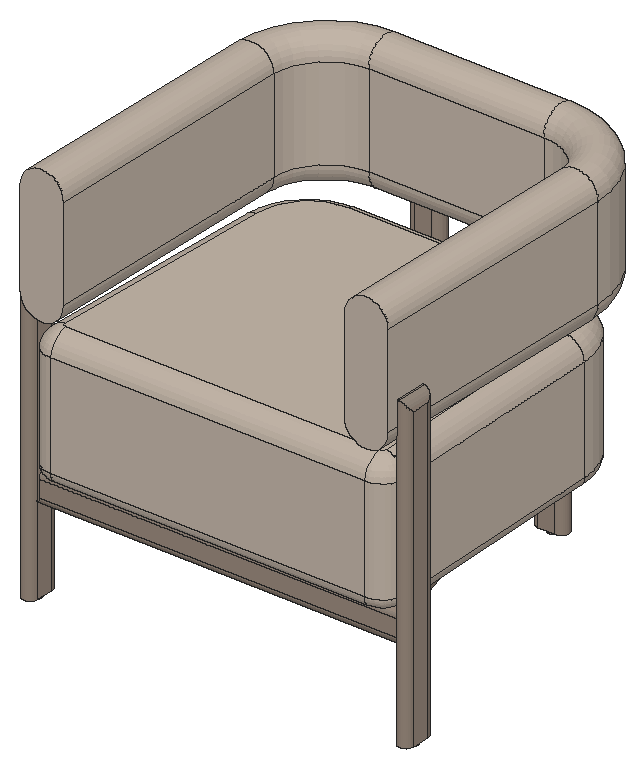
Revit family "FU_Chair_Sandler_Adora 5-1", category Furniture, Revit 2022
Family settings
  OmniClass Number = 23.40.20.00
  OmniClass Title = General Furniture and Specialties
  Work Plane-Based = No
  Always vertical = Yes
  Cut with Voids When Loaded = No
  Render Appearance Source = Family Geometry
  Shared = No
  Room Calculation Point = No
Parameters (values of type "Adora 5.1")
  Width = 680 mm
  URL = "https://www.sandlerseating.com/product/adora-5-1-2/"
  Seat [instance] = Fabric - Gravity - Wheat CPC21
  Model = "Adora 5.1"
  Manufacturer = "Sandler"
  Height = 700 mm
  Frame [instance] = Ash - Walnut Stain
  Description = "Upholstered lounge chair on wood frame"
  Depth = 630 mm
  Default Elevation = 0 mm
Reference planes
  plane 1 "Center (Front/Back)": y = 0
  plane 2: z = 0
  plane 3 "Center (Left/Right)": x = 0
  plane 4 "Right": x = -340
  plane 5 "Left": x = 340
  plane 6 "Front": y = -315
  plane 7 "Back": y = 315
  plane 8 "Height": z = 700
  plane 9 "Seat height": z = 440
  plane 10 "FL RIGHT": y = -269.53
  plane 11 "BL RIGHT": y = 308.715
  plane 12 "Seat Frame RIGHT": z = 178.152
Forms (mm)
  Sweep 1, solid, material "Ash - Walnut Stain" <- "Frame"
    path origin (0, -269.53, 0) x (0, 0, -1) y (1, 0, 0)
      loop
        line (-6, -327) -> (-546, -327)
    profile "Pro_Ozo_Adora_Frame : Pro_Ozo_Adora_Frame" origin (-327, -269.53, 276) x (-1, 0, 0) y (0, -1, 0)
      loop
        arc (13, 15) -> (0, 28) -> (-13, 15) r 13
        line (-13, 15) -> (-13, -15)
        arc (-13, -15) -> (0, -28) -> (13, -15) r 13
        line (13, -15) -> (13, 15)
  Sweep 2, solid, material "Ash - Walnut Stain" <- "Frame"
    path origin (0, -269.53, 0) x (0, 0, -1) y (1, 0, 0)
      loop
        line (-6, 327) -> (-546, 327)
    profile "Pro_Ozo_Adora_Frame : Pro_Ozo_Adora_Frame" origin (327, -269.53, 276) x (-1, 0, 0) y (0, -1, 0)
      loop
        arc (13, 15) -> (0, 28) -> (-13, 15) r 13
        line (-13, 15) -> (-13, -15)
        arc (-13, -15) -> (0, -28) -> (13, -15) r 13
        line (13, -15) -> (13, 15)
  Sweep 3, solid, material "Ash - Walnut Stain" <- "Frame"
    path origin (0, 308.715, 0) x (0, 0, -1) y (1, 0, 0)
      loop
        line (-6, -107.326) -> (-546, -107.326)
    profile "Pro_Ozo_Adora_Frame : Pro_Ozo_Adora_Frame" origin (-107.326, 308.715, 276) x (-1, 0, 0) y (0, -1, 0)
      loop
        arc (-15, 13) -> (-28, 0) -> (-15, -13) r 13
        line (-15, -13) -> (15, -13)
        arc (15, -13) -> (28, 0) -> (15, 13) r 13
        line (15, 13) -> (-15, 13)
  Sweep 4, solid, material "Ash - Walnut Stain" <- "Frame"
    path origin (0, 308.715, 0) x (0, 0, -1) y (1, 0, 0)
      loop
        line (-6, 107.326) -> (-546, 107.326)
    profile "Pro_Ozo_Adora_Frame : Pro_Ozo_Adora_Frame" origin (107.326, 308.715, 276) x (-1, 0, 0) y (0, -1, 0)
      loop
        arc (-15, 13) -> (-28, 0) -> (-15, -13) r 13
        line (-15, -13) -> (15, -13)
        arc (15, -13) -> (28, 0) -> (15, 13) r 13
        line (15, 13) -> (-15, 13)
  Extrusion 5, void
    sketch origin (0, -269.53, 0) x (0, 0, -1) y (1, 0, 0)
      loop
        arc (-523.152, -340.43) -> (-538.403, -335.401) -> (-546.853, -321.745) r 23.476
        line (-546.853, -321.745) -> (-551.853, -321.745) -> (-551.853, -345.43) -> (-523.152, -345.43) -> (-523.152, -340.43)
    from -38.331 to 38.415
  Extrusion 6, void
    sketch origin (0, -269.53, 0) x (0, 0, -1) y (1, 0, 0)
      loop
        line (-523.152, 340.43) -> (-523.152, 345.43) -> (-551.853, 345.43) -> (-551.853, 321.745) -> (-546.853, 321.745)
        arc (-546.853, 321.745) -> (-538.403, 335.401) -> (-523.152, 340.43) r 23.476
    from -38.331 to 38.415
  Extrusion 7, void
    sketch origin (0, 0, 0) x (0, 1, 0) y (0, 0, 1)
      loop
        line (322.006, 522.6) -> (327.006, 522.6) -> (327.006, 551.301) -> (303.322, 551.301) -> (303.322, 546.301)
        arc (303.322, 546.301) -> (316.977, 537.851) -> (322.006, 522.6) r 23.476
    from -142.131 to 143.915
  Sweep 8, solid, material "Ash - Walnut Stain" <- "Frame"
    path origin (0, 0, 178.152) x (0, -1, 0) y (1, 0, 0)
      loop
        line (269.53, -327) -> (269.53, 327)
    profile "Pro_Ozo_Adora_Frame : Pro_Ozo_Adora_Frame" origin (0, -269.53, 178.152) x (0, 1, 0) y (0, 0, 1)
      loop
        arc (13, 15) -> (0, 28) -> (-13, 15) r 13
        line (-13, 15) -> (-13, -15)
        arc (-13, -15) -> (0, -28) -> (13, -15) r 13
        line (13, -15) -> (13, 15)
  Sweep 9, solid, material "Ash - Walnut Stain" <- "Frame"
    path origin (0, 0, 178.152) x (0, -1, 0) y (1, 0, 0)
      loop
        line (-186.816, -147.415) -> (-186.816, 147.585)
    profile "Pro_Ozo_Adora_Frame : Pro_Ozo_Adora_Frame" origin (0.085, 186.816, 178.152) x (0, 1, 0) y (0, 0, 1)
      loop
        arc (13, 15) -> (0, 28) -> (-13, 15) r 13
        line (-13, 15) -> (-13, -15)
        arc (-13, -15) -> (0, -28) -> (13, -15) r 13
        line (13, -15) -> (13, 15)
  Sweep 10, solid, material "Ash - Walnut Stain" <- "Frame"
    path origin (0, 0, 178.152) x (0, -1, 0) y (1, 0, 0)
      loop
        line (269.274, -280.039) -> (-308.689, -108.155)
    profile "Pro_Ozo_Adora_Frame : Pro_Ozo_Adora_Frame" origin (-194.097, 19.707, 178.152) x (-0.95851, 0.285057, 0) y (0, 0, 1)
      loop
        arc (13, 15) -> (0, 28) -> (-13, 15) r 13
        line (-13, 15) -> (-13, -15)
        arc (-13, -15) -> (0, -28) -> (13, -15) r 13
        line (13, -15) -> (13, 15)
  Sweep 11, solid, material "Ash - Walnut Stain" <- "Frame"
    path origin (0, 0, 178.152) x (0, -1, 0) y (1, 0, 0)
      loop
        line (269.274, 280.039) -> (-308.689, 108.155)
    profile "Pro_Ozo_Adora_Frame : Pro_Ozo_Adora_Frame" origin (194.097, 19.707, 178.152) x (-0.95851, -0.285057, 0) y (0, 0, 1)
      loop
        arc (13, 15) -> (0, 28) -> (-13, 15) r 13
        line (-13, 15) -> (-13, -15)
        arc (-13, -15) -> (0, -28) -> (13, -15) r 13
        line (13, -15) -> (13, 15)
  Extrusion 12, solid, material "Rubber, Black"
    sketch origin (0, 0, 0) x (1, 0, 0) y (0, 1, 0)
      loop
        circle (107.35, 308.715) r 8.056
      loop
        circle (-107.35, 308.715) r 8.056
      loop
        circle (327, -269.53) r 8.056
      loop
        circle (-327, -269.53) r 8.056
    from 0 to 10
  Extrusion 13, solid, material "Fabric - Gravity - Wheat CPC21" <- "Seat"
    sketch origin (0, 0, 440) x (-1, 0, 0) y (0, -1, 0)
      loop
        line (300.228, -136.396) -> (313.285, 267.421)
        arc (313.285, 267.421) -> (301.503, 295.865) -> (273.059, 307.647) r 40.226
        line (273.059, 307.647) -> (-273.141, 307.647)
        arc (-273.141, 307.647) -> (-301.34, 295.967) -> (-313.02, 267.768) r 39.879
        line (-313.02, 267.768) -> (-299.516, -137.434)
        arc (-299.516, -137.434) -> (-264.572, -221.795) -> (-180.211, -256.739) r 119.304
        line (-180.211, -256.739) -> (179.886, -256.739)
        arc (179.886, -256.739) -> (264.981, -221.491) -> (300.228, -136.396) r 120.343
    from 0 to -234.051
  Sweep 14, void
    path in 3D
      loop
        arc (273.141, -307.647, 440) -> (301.34, -295.967, 440) -> (313.02, -267.768, 440) r 39.879
        line (313.02, -267.768, 440) -> (299.516, 137.434, 440)
        arc (299.516, 137.434, 440) -> (264.572, 221.795, 440) -> (180.211, 256.739, 440) r 119.304
        line (180.211, 256.739, 440) -> (-179.886, 256.739, 440)
        arc (-179.886, 256.739, 440) -> (-264.981, 221.491, 440) -> (-300.228, 136.396, 440) r 120.343
        line (-300.228, 136.396, 440) -> (-313.285, -267.421, 440)
        arc (-313.285, -267.421, 440) -> (-301.503, -295.865, 440) -> (-273.059, -307.647, 440) r 40.226
        line (-273.059, -307.647, 440) -> (273.141, -307.647, 440)
    profile "Pro_edgeCut_40mm : Pro_edgeCut_40mm" origin (0.041, -307.647, 440) x (0, 1, 0) y (0, 0, 1)
      loop
        line (6.571, 21.713) -> (-21.713, -6.571) -> (-0.5, -39.5)
        arc (-0.5, -39.5) -> (11.216, -11.216) -> (39.5, 0.5) r 40
        line (39.5, 0.5) -> (6.571, 21.713)
  Sweep 15, void
    path in 3D
      loop
        arc (-273.059, -307.647, 205.949) -> (-301.503, -295.865, 205.949) -> (-313.285, -267.421, 205.949) r 40.226
        line (-313.285, -267.421, 205.949) -> (-300.228, 136.396, 205.949)
        arc (-300.228, 136.396, 205.949) -> (-264.981, 221.491, 205.949) -> (-179.886, 256.739, 205.949) r 120.343
        line (-179.886, 256.739, 205.949) -> (180.211, 256.739, 205.949)
        arc (180.211, 256.739, 205.949) -> (264.572, 221.795, 205.949) -> (299.516, 137.434, 205.949) r 119.304
        line (299.516, 137.434, 205.949) -> (313.02, -267.768, 205.949)
        arc (313.02, -267.768, 205.949) -> (301.34, -295.967, 205.949) -> (273.141, -307.647, 205.949) r 39.879
        line (273.141, -307.647, 205.949) -> (-273.059, -307.647, 205.949)
    profile "Pro_edgeCut_20mm : Pro_edgeCut_20mm" origin (0.041, -307.647, 205.949) x (0, 1, 0) y (0, 0, -1)
      loop
        line (7.071, 21.213) -> (-21.213, -7.071) -> (0, -20)
        arc (0, -20) -> (5.858, -5.858) -> (20, 0) r 20
        line (20, 0) -> (7.071, 21.213)
  Sweep 16, solid, material "Fabric - Gravity - Wheat CPC21" <- "Seat"
    path origin (0, 0, 700) x (-1, 0, 0) y (0, -1, 0)
      loop
        line (282.37, 315) -> (282.37, -140.906)
        arc (282.37, -140.906) -> (244.294, -232.83) -> (152.37, -270.906) r 130
        line (152.37, -270.906) -> (-152.37, -270.906)
        arc (-152.37, -270.906) -> (-244.294, -232.83) -> (-282.37, -140.906) r 130
        line (-282.37, -140.906) -> (-282.37, 315)
    profile origin (0, 270.906, 700) x (0, 1, 0) y (0, 0, 1)
      loop
        arc (38, -38) -> (0, 0) -> (-38, -38) r 38
        line (-38, -38) -> (-38, -198.753)
        arc (-38, -198.753) -> (0, -236.753) -> (38, -198.753) r 38
        line (38, -198.753) -> (38, -38)
Cuts and joins
  Extrusion 5 cuts Sweep 1
  Extrusion 6 cuts Sweep 2
  Extrusion 7 cuts Sweep 3
  Extrusion 7 cuts Sweep 4
  Sweep 14, Sweep 15 cuts Extrusion 13
Lines and regions (mm)
  sketch lines
    curve 1: line (-273.059, -307.647, 440) -> (273.141, -307.647, 440)
    curve 2: arc (-273.059, -307.647, 440) -> (-301.503, -295.865, 440) -> (-313.285, -267.421, 440) r 40.226
    curve 3: line (-300.228, 136.396, 440) -> (-313.285, -267.421, 440)
    curve 4: arc (-300.228, 136.396, 440) -> (-264.981, 221.491, 440) -> (-179.886, 256.739, 440) r 120.343
    curve 5: line (180.211, 256.739, 440) -> (-179.886, 256.739, 440)
    curve 6: arc (180.211, 256.739, 440) -> (264.572, 221.795, 440) -> (299.516, 137.434, 440) r 119.304
    curve 7: line (313.02, -267.768, 440) -> (299.516, 137.434, 440)
    curve 8: arc (313.02, -267.768, 440) -> (301.34, -295.967, 440) -> (273.141, -307.647, 440) r 39.879
    curve 9: line (273.141, -307.647, 205.949) -> (-273.059, -307.647, 205.949)
    curve 10: arc (273.141, -307.647, 205.949) -> (301.34, -295.967, 205.949) -> (313.02, -267.768, 205.949) r 39.879
    curve 11: line (299.516, 137.434, 205.949) -> (313.02, -267.768, 205.949)
    curve 12: arc (299.516, 137.434, 205.949) -> (264.572, 221.795, 205.949) -> (180.211, 256.739, 205.949) r 119.304
    curve 13: line (-179.886, 256.739, 205.949) -> (180.211, 256.739, 205.949)
    curve 14: arc (-179.886, 256.739, 205.949) -> (-264.981, 221.491, 205.949) -> (-300.228, 136.396, 205.949) r 120.343
    curve 15: line (-313.285, -267.421, 205.949) -> (-300.228, 136.396, 205.949)
    curve 16: arc (-313.285, -267.421, 205.949) -> (-301.503, -295.865, 205.949) -> (-273.059, -307.647, 205.949) r 40.226
Dimensions and locks
  equal spacing: plane 4 "Right", plane 3 "Center (Left/Right)", plane 5 "Left"
  "Width": plane 4 "Right" to plane 5 "Left"
  equal spacing: plane 6 "Front", plane 1 "Center (Front/Back)", plane 7 "Back"
  "Depth": plane 6 "Front" to plane 7 "Back"
  "Height": plane 8 "Height" to level
  aligned and locked: level to plane 2
Automatic sketch dimensions
  Sweep 1 sketch curve to plane 4 "Right" = 13 mm
  plane 9 "Seat height" to Sweep 1 sketch curve = 106 mm
  level to Sweep 1 sketch curve = 6 mm
  Sweep 2 sketch curve to plane 5 "Left" = 13 mm
  plane 9 "Seat height" to Sweep 2 sketch curve = 106 mm
  level to Sweep 2 sketch curve = 6 mm
  plane 9 "Seat height" to Sweep 3 sketch curve = 106 mm
  Sweep 3 sketch curve to plane 3 "Center (Left/Right)" = 107.326 mm
  level to Sweep 3 sketch curve = 6 mm
  plane 9 "Seat height" to Sweep 4 sketch curve = 106 mm
  plane 3 "Center (Left/Right)" to Sweep 4 sketch curve = 107.326 mm
  level to Sweep 4 sketch curve = 6 mm
  Extrusion 5 sketch curve to plane 4 "Right" = 18.255 mm
  plane 9 "Seat height" to Extrusion 5 sketch curve = 111.853 mm
  Extrusion 5 sketch curve to Extrusion 5 sketch curve = 5 mm
  Extrusion 5 sketch curve to Extrusion 5 sketch curve = 22.984 mm
  plane 4 "Right" to Extrusion 5 sketch curve = 5.43 mm
  Extrusion 5 sketch curve to Extrusion 5 sketch curve = 0.717 mm
  plane 4 "Right" to Extrusion 5 sketch curve = 0.43 mm
  Extrusion 6 sketch curve to plane 5 "Left" = 18.255 mm
  plane 9 "Seat height" to Extrusion 6 sketch curve = 111.853 mm
  Extrusion 6 sketch curve to Extrusion 6 sketch curve = 5 mm
  Extrusion 6 sketch curve to Extrusion 6 sketch curve = 22.984 mm
  plane 5 "Left" to Extrusion 6 sketch curve = 5.43 mm
  Extrusion 6 sketch curve to Extrusion 6 sketch curve = 0.717 mm
  Extrusion 6 sketch curve to plane 5 "Left" = 23.035 mm
  plane 11 "BL RIGHT" to Extrusion 7 sketch curve = 10.174 mm
  plane 11 "BL RIGHT" to Extrusion 7 sketch curve = 5.394 mm
  plane 7 "Back" to Extrusion 7 sketch curve = 7.006 mm
  Extrusion 7 sketch curve to Extrusion 7 sketch curve = 5 mm  (x2)
  plane 9 "Seat height" to Extrusion 7 sketch curve = 82.6 mm
  Extrusion 7 sketch curve to Extrusion 7 sketch curve = 0.717 mm
  plane 10 "FL RIGHT" to Sweep 8 sketch curve = 0 mm
  Sweep 8 sketch curve to plane 4 "Right" = 13 mm
  Sweep 8 sketch curve to plane 5 "Left" = 13 mm
  plane 11 "BL RIGHT" to Sweep 9 sketch curve = 121.9 mm
  Sweep 9 sketch curve to plane 3 "Center (Left/Right)" = 147.415 mm
  plane 3 "Center (Left/Right)" to Sweep 9 sketch curve = 147.585 mm
  plane 11 "BL RIGHT" to Sweep 10 sketch curve = 0.026 mm
  Sweep 10 sketch curve to plane 10 "FL RIGHT" = 0.256 mm
  Sweep 10 sketch curve to plane 4 "Right" = 59.961 mm
  Sweep 10 sketch curve to plane 3 "Center (Left/Right)" = 108.155 mm
  plane 11 "BL RIGHT" to Sweep 11 sketch curve = 0.026 mm
  plane 3 "Center (Left/Right)" to Sweep 11 sketch curve = 108.155 mm
  Sweep 11 sketch curve to plane 10 "FL RIGHT" = 0.256 mm
  Sweep 11 sketch curve to plane 5 "Left" = 59.961 mm
  plane 11 "BL RIGHT" to Extrusion 12 sketch curve = 0 mm  (x2)
  Extrusion 12 sketch curve to plane 3 "Center (Left/Right)" = 107.35 mm
  Extrusion 12 sketch curve to plane 6 "Front" = 45.47 mm  (x2)
  Extrusion 12 sketch curve to plane 3 "Center (Left/Right)" = 327 mm
  plane 3 "Center (Left/Right)" to Extrusion 12 sketch curve = 327 mm
  plane 3 "Center (Left/Right)" to Extrusion 12 sketch curve = 107.35 mm
  Extrusion 13 sketch curve to plane 6 "Front" = 7.353 mm
  Extrusion 13 sketch curve to plane 5 "Left" = 66.859 mm
  plane 11 "BL RIGHT" to Extrusion 13 sketch curve = 51.977 mm
  Extrusion 13 sketch curve to plane 5 "Left" = 159.789 mm
  Extrusion 13 sketch curve to plane 4 "Right" = 160.114 mm
  Extrusion 13 sketch curve to plane 10 "FL RIGHT" = 2.11 mm
  Extrusion 13 sketch curve to plane 4 "Right" = 66.941 mm
  Extrusion 13 sketch curve to plane 4 "Right" = 39.772 mm
  Extrusion 13 sketch curve to Extrusion 13 sketch curve = 119.304 mm
  Extrusion 13 sketch curve to plane 10 "FL RIGHT" = 1.762 mm
  plane 6 "Front" to Sweep 16 sketch curve = 0 mm  (x2)
  Sweep 16 sketch curve to plane 5 "Left" = 57.63 mm
  Sweep 16 sketch curve to Sweep 16 sketch curve = 130 mm
  Sweep 16 sketch curve to plane 3 "Center (Left/Right)" = 152.37 mm
  Sweep 16 sketch curve to plane 4 "Right" = 57.63 mm
  Sweep 16 sketch curve to plane 1 "Center (Front/Back)" = 140.906 mm
  Sweep 16 sketch curve to profile plane = 0 mm
  Sweep 16 sketch curve to plane 8 "Height" = 198.753 mm
  Sweep 16 sketch curve to profile plane = 38 mm
  Sweep 16 sketch curve to plane 8 "Height" = 38 mm
  radius of Extrusion 12 sketch curve = 8.056 mm  (x4)
